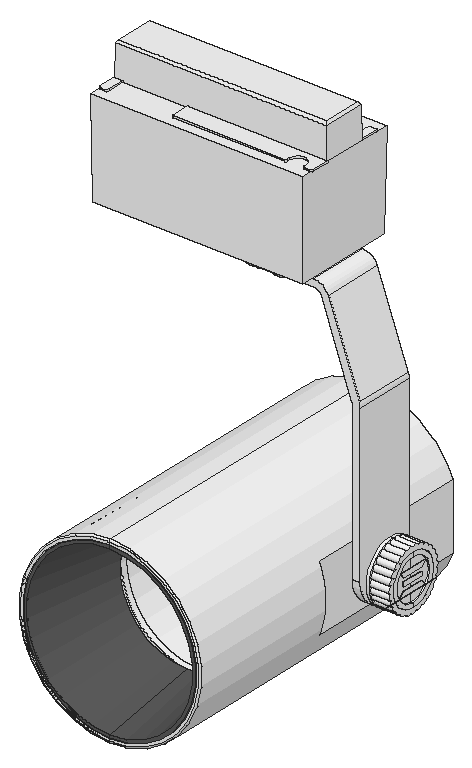
Revit family "STL22452BR_STL22452PTO", category Luminárias, Revit 2023
Family settings
  Cota do conector redondo = Utilizar diâmetro
  Tipo de parte = Normal
  Número OmniClass = 23.80.70.00
  Título OmniClass = Lighting
  Com base no plano de trabalho = Não
  Sempre na vertical = Sim
  Corte com vazios quando carregada = Não
  Fonte luminosa = Não
  Manter orientação da anotação = Não
  Compartilhado = Não
  Ponto de cálculo do ambiente = Não
Parameters (values of type "STL22452BR - BRANCO")
  URL = "https://stella.com.br/"
  Tensão Elétrica = "127-220V"
  Referência = "STL22452BR"
  Potência máxima = 15 W
  Modelo = "Flow MR16 para Trace\r\nFlow MR16 para Trace\r\n\r\nFlow MR16 para Trace"
  Grau de proteção (IP) = "IP20"
  Fabricante = "Stella"
  Estrutura = Al - Branco
  Elevação padrão = 0 m
  Diâmetro do Spot = 0.060002 m
  Comprimento do Spot = 0.10625 m
  Altura do Spot = 0.163 m
  Acabamento Spot = Al - Preto
Types (3, lengths in m): name | Tensão Elétrica | Referência | Modelo | Estrutura
  (no name) | "127-220V" | "STL22452BR" | "Flow MR16 para Trace\r\nFlow MR16 para Trace\r\n\r\nFlow MR16 para Trace" | Al - Branco
  STL22452BR - BRANCO | "127-220V" | "STL22452BR" | "Flow MR16 para Trace\r\nFlow MR16 para Trace\r\n\r\nFlow MR16 para Trace" | Al - Branco
  STL22452PTO - PRETO | "" | "STL22452PTO" | "Flow MR16 para Trace" | Al - Preto
Reference planes (m)
  plane 1 "Eixo de origem da luz (F/T)": y = 0.021104
  plane 2: z = 0
  plane 3 "Eixo de origem da luz (E/D)": x = 0.0084
  plane 4 "Elevação da origem da luz": z = 2.5199
  plane 5: z = 2.487
  plane 6 "Superior": z = 2.65
  plane 7: y = 0.053125
  plane 8: y = -0.053125
  plane 9: x = 0.038399
  plane 10: x = -0.021603
  plane 11: z = 2.605
Forms (m)
  Extrusion 1, solid, material "Al - Branco" <- "Estrutura"
    sketch origin (-0.031726, 0.021104, 0) x (0, -1, 0) y (0, 0, 1)
      loop
        line (-0.007222, 2.6384) -> (-0.017251, 2.6384) -> (-0.016801, 2.6064) -> (0.016801, 2.6064) -> (0.017251, 2.6384) -> (0.007222, 2.6384) -> (0.006942, 2.649) -> (0.006414, 2.65) -> (-0.006414, 2.65) -> (-0.006942, 2.649) -> (-0.007222, 2.6384)
    from -0.059624 to 0.013642
  Extrusion 2, void
    sketch origin (-0.023326, 0.021104, 0) x (-1, 0, 0) y (0, 0, 1)
      loop
        line (-0.049422, 2.649) -> (-0.048894, 2.65) -> (-0.051224, 2.65) -> (-0.051224, 2.6064) -> (-0.049252, 2.6064) -> (-0.049702, 2.6384) -> (-0.049422, 2.649)
      loop
        line (0.020018, 2.649) -> (0.020298, 2.6384) -> (0.019847, 2.6064) -> (0.022042, 2.6064) -> (0.022042, 2.65) -> (0.01949, 2.65) -> (0.020018, 2.649)
    from -0.024982 to 0.021323
  Extrusion 3, solid, material "Al - Branco" <- "Estrutura"
    sketch origin (0.014478, 0.021104, 0) x (0, -1, 0) y (0, 0, -1)
      loop
        line (-0.014499, -2.6064) -> (-0.014499, -2.60805) -> (-0.015326, -2.60805) -> (-0.015326, -2.60885)
        arc (-0.015326, -2.60885) -> (-0.015011, -2.609283) -> (-0.014499, -2.609443) r 0.000852
        line (-0.014499, -2.609443) -> (-0.014499, -2.6104) -> (0.014499, -2.6104) -> (0.014499, -2.609443)
        arc (0.014499, -2.609443) -> (0.015011, -2.609283) -> (0.015326, -2.60885) r 0.000852
        line (0.015326, -2.60885) -> (0.015326, -2.60805) -> (0.014499, -2.60805) -> (0.014499, -2.6064) -> (-0.014499, -2.6064)
    from -0.059624 to -0.055554
  Extrusion 4, void
    sketch origin (0.014478, 0.021104, 0) x (0, -1, 0) y (0, 0, -1)
      loop
        line (-0.014699, -2.6106) -> (0.014699, -2.6106) -> (0.014699, -2.609627)
        arc (0.014699, -2.609627) -> (0.015219, -2.609371) -> (0.015526, -2.608879) r 0.001052
        line (0.015526, -2.608879) -> (0.015526, -2.60785) -> (0.014699, -2.60785) -> (0.014699, -2.6064) -> (-0.014699, -2.6064) -> (-0.014699, -2.60785) -> (-0.015526, -2.60785) -> (-0.015526, -2.608879)
        arc (-0.015526, -2.608879) -> (-0.015219, -2.609371) -> (-0.014699, -2.609627) r 0.001052
        line (-0.014699, -2.609627) -> (-0.014699, -2.6106)
    from -0.059624 to -0.024388
  Extrusion 5, solid, material "Al - Branco" <- "Estrutura"
    sketch origin (0.014478, -0.008896, 0) x (0, -1, 0) y (0, 0, -1)
      loop
        line (-0.044499, -2.6064) -> (-0.044499, -2.60805) -> (-0.015501, -2.60805) -> (-0.015501, -2.6064) -> (-0.044499, -2.6064)
    from -0.055554 to -0.024388
  Extrusion 6, solid, material "Al - Branco" <- "Estrutura"
    sketch origin (-0.023326, 0.021104, 0) x (-1, 0, 0) y (0, 0, 1)
      loop
        line (-0.011173, 2.6064) -> (-0.013416, 2.6064) -> (-0.013416, 2.605371) -> (-0.011173, 2.605371) -> (-0.011173, 2.6064)
    from -0.014499 to 0.014499
  Extrusion 7, solid, material "Al - Branco" <- "Estrutura"
    sketch origin (-0.023326, 0.021104, 2.574) x (0, 1, 0) y (-1, 0, 0)
      loop
        arc (0.013719, -0.047484) -> (0.013573, -0.04713) -> (0.013219, -0.046984) r 0.0005
        line (0.013219, -0.046984) -> (0.012346, -0.046984)
        arc (0.012346, -0.046984) -> (0.009533, -0.044171) -> (0.012346, -0.041358) r 0.002813
        line (0.012346, -0.041358) -> (0.013219, -0.041358)
        arc (0.013219, -0.041358) -> (0.013573, -0.041211) -> (0.013719, -0.040857) r 0.0005
        line (0.013719, -0.040857) -> (0.013719, -0.008488)
        arc (0.013719, -0.008488) -> (0.013573, -0.008135) -> (0.013219, -0.007988) r 0.0005
        line (0.013219, -0.007988) -> (0.007222, -0.007988) -> (0.007222, -0.049702) -> (0.013219, -0.049702)
        arc (0.013219, -0.049702) -> (0.013573, -0.049556) -> (0.013719, -0.049202) r 0.0005
        line (0.013719, -0.049202) -> (0.013719, -0.047484)
      loop
        line (-0.013719, -0.047484) -> (-0.013719, -0.04935)
        arc (-0.013719, -0.04935) -> (-0.013573, -0.049704) -> (-0.013219, -0.04985) r 0.0005
        line (-0.013219, -0.04985) -> (-0.007222, -0.04985) -> (-0.007222, -0.003882) -> (-0.013219, -0.003882)
        arc (-0.013219, -0.003882) -> (-0.013573, -0.004029) -> (-0.013719, -0.004382) r 0.0005
        line (-0.013719, -0.004382) -> (-0.013719, -0.040857)
        arc (-0.013719, -0.040857) -> (-0.013573, -0.041211) -> (-0.013219, -0.041358) r 0.0005
        line (-0.013219, -0.041358) -> (-0.012346, -0.041358)
        arc (-0.012346, -0.041358) -> (-0.009533, -0.044171) -> (-0.012346, -0.046984) r 0.002813
        line (-0.012346, -0.046984) -> (-0.013219, -0.046984)
        arc (-0.013219, -0.046984) -> (-0.013573, -0.04713) -> (-0.013719, -0.047484) r 0.0005
      loop
        line (-0.013182, 0.017625) -> (-0.007222, 0.017625) -> (-0.007222, 0.020298) -> (-0.013182, 0.020298)
        arc (-0.013182, 0.020298) -> (-0.013576, 0.020135) -> (-0.013739, 0.019741) r 0.000557
        line (-0.013739, 0.019741) -> (-0.013739, 0.018182)
        arc (-0.013739, 0.018182) -> (-0.013576, 0.017788) -> (-0.013182, 0.017625) r 0.000557
      loop
        line (0.012346, 0.017642) -> (0.013181, 0.017642)
        arc (0.013181, 0.017642) -> (0.013574, 0.017805) -> (0.013737, 0.018198) r 0.000556
        line (0.013737, 0.018198) -> (0.013737, 0.020298) -> (0.007222, 0.020298) -> (0.007222, 0.014829) -> (0.008997, 0.014829)
        arc (0.008997, 0.014829) -> (0.009409, 0.014961) -> (0.009583, 0.015357) r 0.000526
        arc (0.009583, 0.015357) -> (0.010553, 0.016997) -> (0.012346, 0.017642) r 0.002813
    from 0.0644 to 0.0649
  Revolve 8, void
    sketch origin (-0.023326, 0.021104, 0) x (-1, 0, 0) y (0, 0, 1)
      loop
        line (-0.046923, 2.6064) -> (-0.031723, 2.6064) -> (-0.031723, 2.6129) -> (-0.04681, 2.6129) -> (-0.046923, 2.6064)
      axis (-0.031723, 2.6129) -> (-0.031723, 2.6064)
    angle from 0 to 360
  Extrusion 9, solid, material "Al - Branco" <- "Estrutura", not visible
    sketch origin (-0.1416, -0.1, 0) x (0, 1, 0) y (0, 0, 1)
      loop
        line (-0.007222, 2.6384) -> (-0.017251, 2.6384) -> (-0.016801, 2.6064) -> (0.016801, 2.6064) -> (0.017251, 2.6384) -> (0.007222, 2.6384) -> (0.006942, 2.649) -> (0.006414, 2.65) -> (-0.006414, 2.65) -> (-0.006942, 2.649) -> (-0.007222, 2.6384)
    from -0.059624 to 0.013642
  Extrusion 10, void, not visible
    sketch origin (-0.15, -0.1, 0) x (1, 0, 0) y (0, 0, 1)
      loop
        line (-0.049422, 2.649) -> (-0.048894, 2.65) -> (-0.051224, 2.65) -> (-0.051224, 2.6064) -> (-0.049252, 2.6064) -> (-0.049702, 2.6384) -> (-0.049422, 2.649)
      loop
        line (0.020018, 2.649) -> (0.020298, 2.6384) -> (0.019847, 2.6064) -> (0.022042, 2.6064) -> (0.022042, 2.65) -> (0.01949, 2.65) -> (0.020018, 2.649)
    from -0.024982 to 0.021323
  Extrusion 11, solid, material "Al - Branco" <- "Estrutura", not visible
    sketch origin (-0.187804, -0.1, 0) x (0, 1, 0) y (0, 0, -1)
      loop
        line (-0.014499, -2.6064) -> (-0.014499, -2.60805) -> (-0.015326, -2.60805) -> (-0.015326, -2.60885)
        arc (-0.015326, -2.60885) -> (-0.015011, -2.609283) -> (-0.014499, -2.609443) r 0.000852
        line (-0.014499, -2.609443) -> (-0.014499, -2.6104) -> (0.014499, -2.6104) -> (0.014499, -2.609443)
        arc (0.014499, -2.609443) -> (0.015011, -2.609283) -> (0.015326, -2.60885) r 0.000852
        line (0.015326, -2.60885) -> (0.015326, -2.60805) -> (0.014499, -2.60805) -> (0.014499, -2.6064) -> (-0.014499, -2.6064)
    from -0.059624 to -0.055554
  Extrusion 12, void, not visible
    sketch origin (-0.187804, -0.1, 0) x (0, 1, 0) y (0, 0, -1)
      loop
        line (-0.014699, -2.6106) -> (0.014699, -2.6106) -> (0.014699, -2.609627)
        arc (0.014699, -2.609627) -> (0.015219, -2.609371) -> (0.015526, -2.608879) r 0.001052
        line (0.015526, -2.608879) -> (0.015526, -2.60785) -> (0.014699, -2.60785) -> (0.014699, -2.6064) -> (-0.014699, -2.6064) -> (-0.014699, -2.60785) -> (-0.015526, -2.60785) -> (-0.015526, -2.608879)
        arc (-0.015526, -2.608879) -> (-0.015219, -2.609371) -> (-0.014699, -2.609627) r 0.001052
        line (-0.014699, -2.609627) -> (-0.014699, -2.6106)
    from -0.059624 to -0.024388
  Extrusion 13, solid, material "Al - Branco" <- "Estrutura", not visible
    sketch origin (-0.187804, -0.07, 0) x (0, 1, 0) y (0, 0, -1)
      loop
        line (-0.044499, -2.6064) -> (-0.044499, -2.60805) -> (-0.015501, -2.60805) -> (-0.015501, -2.6064) -> (-0.044499, -2.6064)
    from -0.055554 to -0.024388
  Extrusion 14, solid, material "Al - Branco" <- "Estrutura", not visible
    sketch origin (-0.15, -0.1, 0) x (1, 0, 0) y (0, 0, 1)
      loop
        line (-0.011173, 2.6064) -> (-0.013416, 2.6064) -> (-0.013416, 2.605371) -> (-0.011173, 2.605371) -> (-0.011173, 2.6064)
    from -0.014499 to 0.014499
  Extrusion 15, solid, material "Al - Branco" <- "Estrutura", not visible
    sketch origin (-0.15, -0.1, 2.574) x (0, -1, 0) y (1, 0, 0)
      loop
        arc (0.013719, -0.047484) -> (0.013573, -0.04713) -> (0.013219, -0.046984) r 0.0005
        line (0.013219, -0.046984) -> (0.012346, -0.046984)
        arc (0.012346, -0.046984) -> (0.009533, -0.044171) -> (0.012346, -0.041358) r 0.002813
        line (0.012346, -0.041358) -> (0.013219, -0.041358)
        arc (0.013219, -0.041358) -> (0.013573, -0.041211) -> (0.013719, -0.040857) r 0.0005
        line (0.013719, -0.040857) -> (0.013719, -0.008488)
        arc (0.013719, -0.008488) -> (0.013573, -0.008135) -> (0.013219, -0.007988) r 0.0005
        line (0.013219, -0.007988) -> (0.007222, -0.007988) -> (0.007222, -0.049702) -> (0.013219, -0.049702)
        arc (0.013219, -0.049702) -> (0.013573, -0.049556) -> (0.013719, -0.049202) r 0.0005
        line (0.013719, -0.049202) -> (0.013719, -0.047484)
      loop
        line (-0.013719, -0.047484) -> (-0.013719, -0.04935)
        arc (-0.013719, -0.04935) -> (-0.013573, -0.049704) -> (-0.013219, -0.04985) r 0.0005
        line (-0.013219, -0.04985) -> (-0.007222, -0.04985) -> (-0.007222, -0.003882) -> (-0.013219, -0.003882)
        arc (-0.013219, -0.003882) -> (-0.013573, -0.004029) -> (-0.013719, -0.004382) r 0.0005
        line (-0.013719, -0.004382) -> (-0.013719, -0.040857)
        arc (-0.013719, -0.040857) -> (-0.013573, -0.041211) -> (-0.013219, -0.041358) r 0.0005
        line (-0.013219, -0.041358) -> (-0.012346, -0.041358)
        arc (-0.012346, -0.041358) -> (-0.009533, -0.044171) -> (-0.012346, -0.046984) r 0.002813
        line (-0.012346, -0.046984) -> (-0.013219, -0.046984)
        arc (-0.013219, -0.046984) -> (-0.013573, -0.04713) -> (-0.013719, -0.047484) r 0.0005
      loop
        line (-0.013182, 0.017625) -> (-0.007222, 0.017625) -> (-0.007222, 0.020298) -> (-0.013182, 0.020298)
        arc (-0.013182, 0.020298) -> (-0.013576, 0.020135) -> (-0.013739, 0.019741) r 0.000557
        line (-0.013739, 0.019741) -> (-0.013739, 0.018182)
        arc (-0.013739, 0.018182) -> (-0.013576, 0.017788) -> (-0.013182, 0.017625) r 0.000557
      loop
        line (0.012346, 0.017642) -> (0.013181, 0.017642)
        arc (0.013181, 0.017642) -> (0.013574, 0.017805) -> (0.013737, 0.018198) r 0.000556
        line (0.013737, 0.018198) -> (0.013737, 0.020298) -> (0.007222, 0.020298) -> (0.007222, 0.014829) -> (0.008997, 0.014829)
        arc (0.008997, 0.014829) -> (0.009409, 0.014961) -> (0.009583, 0.015357) r 0.000526
        arc (0.009583, 0.015357) -> (0.010553, 0.016997) -> (0.012346, 0.017642) r 0.002813
    from 0.0644 to 0.0649
  Revolve 16, void, not visible
    sketch origin (-0.15, -0.1, 0) x (1, 0, 0) y (0, 0, 1)
      loop
        line (-0.046923, 2.6064) -> (-0.031723, 2.6064) -> (-0.031723, 2.6129) -> (-0.04681, 2.6129) -> (-0.046923, 2.6064)
      axis (-0.031723, 2.6129) -> (-0.031723, 2.6064)
    angle from 0 to 360
  Revolve 17, solid, material "Al - Branco" <- "Estrutura"
    sketch origin (0.0084, 0.223634, 0.005897) x (0, -1, -0.000003) y (0, -0.000003, 1)
      loop
        line (0.170501, 2.542582) -> (0.240851, 2.541599) -> (0.240851, 2.537384) -> (0.242951, 2.537384) -> (0.242951, 2.540052) -> (0.244751, 2.540052) -> (0.244751, 2.542123) -> (0.276751, 2.542682) -> (0.276751, 2.543504)
        arc (0.276751, 2.543504) -> (0.276604, 2.543857) -> (0.276251, 2.544004) r 0.0005
        line (0.276251, 2.544004) -> (0.170501, 2.544004) -> (0.170501, 2.542582)
      axis (0.170501, 2.514004) -> (0.276751, 2.514004)
    angle from 0 to 360
  Revolve 18, solid, material "Al - Preto" <- "Acabamento Spot"
    sketch origin (0.0084, 0.223634, 0.005897) x (0, -1, -0.000003) y (0, -0.000003, 1)
      loop
        line (0.245201, 2.535977) -> (0.276751, 2.541504) -> (0.276751, 2.542504) -> (0.273435, 2.542446) -> (0.254251, 2.539085) -> (0.254251, 2.541511) -> (0.248173, 2.541405)
        arc (0.248173, 2.541405) -> (0.247541, 2.54151) -> (0.246989, 2.541835) r 0.001757
        arc (0.246989, 2.541835) -> (0.24624, 2.541702) -> (0.245951, 2.540997) r 0.000791
        arc (0.245951, 2.540997) -> (0.246085, 2.540566) -> (0.246442, 2.540289) r 0.000757
        line (0.246442, 2.540289) -> (0.252751, 2.540179) -> (0.252751, 2.538823) -> (0.245201, 2.5375) -> (0.245201, 2.535977)
      axis (0.245201, 2.514004) -> (0.276751, 2.514004)
    angle from 0 to 360
  Extrusion 19, void
    sketch origin (0.0084, 0.215234, 0.005897) x (1, 0, 0) y (0, -0.000003, 1)
      loop
        line (0.024673, 2.503817) -> (0.030078, 2.502712) -> (0.030078, 2.525295) -> (0.024673, 2.52419) -> (0.024673, 2.503817)
    from 0.162101 to 0.217101
  Extrusion 20, void
    sketch origin (0.0094, 0.215234, 0.005897) x (1, 0, 0) y (0, -0.000003, 1)
      loop
        line (0.023311, 2.503891) -> (0.025551, 2.503433) -> (0.025551, 2.524574) -> (0.023311, 2.524116) -> (0.023311, 2.503891)
    from 0.162101 to 0.232451
  Blend 21, solid, material "Al - Branco" <- "Estrutura"
    base sketch origin (0.0084, 0.215234, 0.005897) x (1, 0, 0) y (0, -0.000003, 1)
      loop
        line (0.027965, 2.524863) -> (0.025573, 2.524374) -> (0.025573, 2.503633) -> (0.027965, 2.503144) -> (0.027965, 2.524863)
    top sketch origin (0.0084, 0.215234, 0.005897) x (1, 0, 0) y (0, -0.000003, 1)
      loop
        line (0.027965, 2.524863) -> (0.026551, 2.524574) -> (0.026551, 2.503433) -> (0.027965, 2.503144) -> (0.027965, 2.524863)
    from 0.232451 to 0.162101
  Extrusion 22, void
    sketch origin (0.0084, 0.215234, 0.005897) x (1, 0, 0) y (0, -0.000003, 1)
      loop
        line (0.026551, 2.527448) -> (0.026551, 2.5) -> (0.033803, 2.5) -> (0.033803, 2.527448) -> (0.026551, 2.527448)
    from 0.232475 to 0.217101
  Revolve 23, solid, material "Al - Branco" <- "Estrutura"
    sketch origin (0.0084, 0.189401, -0.028328) x (0, -1, 0) y (0, 0, 1)
      loop
        line (0.134676, 2.551698) -> (0.114176, 2.551698) -> (0.114176, 2.548213) -> (0.144176, 2.548213) -> (0.144176, 2.551698) -> (0.150476, 2.551698) -> (0.150476, 2.553427)
        arc (0.150476, 2.553427) -> (0.150241, 2.553992) -> (0.149676, 2.554227) r 0.0008
        line (0.149676, 2.554227) -> (0.148476, 2.554227) -> (0.148476, 2.552978) -> (0.145176, 2.552979) -> (0.145176, 2.560729)
        arc (0.145176, 2.560729) -> (0.146054, 2.56285) -> (0.148176, 2.563729) r 0.003
        line (0.148176, 2.563729) -> (0.172176, 2.563729) -> (0.172176, 2.564729) -> (0.147176, 2.564729)
        arc (0.147176, 2.564729) -> (0.145054, 2.56385) -> (0.144176, 2.561729) r 0.003
        line (0.144176, 2.561729) -> (0.144176, 2.555229) -> (0.142176, 2.555229) -> (0.142176, 2.554263)
        arc (0.142176, 2.554263) -> (0.136425, 2.553956) -> (0.130676, 2.553623) r 1.262454
        line (0.130676, 2.553623) -> (0.130676, 2.552479) -> (0.134676, 2.552659) -> (0.134676, 2.551698)
      axis (0.114176, 2.548213) -> (0.172176, 2.548213)
    angle from 0 to 360
  Revolve 24, solid, material "Al - Branco" <- "Estrutura"
    sketch origin (0.0084, 0.189401, -0.028328) x (0, -1, 0) y (0, 0, 1)
      loop
        line (0.155176, 2.548229) -> (0.155176, 2.534429) -> (0.170481, 2.534429)
        arc (0.170481, 2.534429) -> (0.170752, 2.534936) -> (0.170846, 2.535504) r 0.00177
        line (0.170846, 2.535504) -> (0.170846, 2.548229) -> (0.155176, 2.548229)
      axis (0.155176, 2.548229) -> (0.170846, 2.548229)
    angle from 0 to 360
  Extrusion 25, void
    sketch origin (0.0084, 0.181001, -0.028328) x (1, 0, 0) y (0, 0, 1)
      loop
        arc (0.00378, 2.554797) -> (-0.001706, 2.555114) -> (0.001774, 2.550862) r 0.003
        arc (0.001774, 2.550862) -> (0.002193, 2.550913) -> (0.002555, 2.550696) r 0.00065
        arc (0.002555, 2.550696) -> (0.003273, 2.549522) -> (0.003609, 2.548188) r 0.004568
        arc (0.003609, 2.548188) -> (0.005649, 2.546228) -> (0.007608, 2.548269) r 0.002
        arc (0.007608, 2.548269) -> (0.006544, 2.552032) -> (0.00378, 2.554797) r 0.007754
      loop
        arc (-0.00378, 2.54166) -> (0.001706, 2.541343) -> (-0.001774, 2.545595) r 0.003
        arc (-0.001774, 2.545595) -> (-0.002193, 2.545544) -> (-0.002555, 2.545761) r 0.00065
        arc (-0.002555, 2.545761) -> (-0.003273, 2.546935) -> (-0.003609, 2.548269) r 0.004568
        arc (-0.003609, 2.548269) -> (-0.005649, 2.550229) -> (-0.007608, 2.548188) r 0.002
        arc (-0.007608, 2.548188) -> (-0.006544, 2.544425) -> (-0.00378, 2.54166) r 0.007754
    from 0.148376 to 0.158434
  Extrusion 26, void
    sketch origin (0.0084, 0.181001, -0.028328) x (1, 0, 0) y (0, 0, 1)
      loop
        circle (-0.006221, 2.554309) r 0.003304
      loop
        circle (0.006209, 2.541978) r 0.003318
    from 0.148376 to 0.163776
  Revolve 27, void
    sketch origin (0.0084, 0.189401, -0.028328) x (0, -1, 0) y (0, 0, 1)
      loop
        line (0.167217, 2.536487) -> (0.170846, 2.536487) -> (0.170846, 2.548229) -> (0.164269, 2.548229) -> (0.164269, 2.539435) -> (0.167217, 2.536487)
      axis (0.170846, 2.548229) -> (0.164269, 2.548229)
    angle from 0 to 360
  Revolve 28, solid, material "Al - Branco" <- "Estrutura", not visible
    sketch origin (-0.034233, 0.1, 0.034226) x (1, 0, -0.000003) y (0.000003, 0, 1)
      loop
        line (0.170501, 2.542582) -> (0.240851, 2.541599) -> (0.240851, 2.537384) -> (0.242951, 2.537384) -> (0.242951, 2.540052) -> (0.244751, 2.540052) -> (0.244751, 2.542123) -> (0.276751, 2.542682) -> (0.276751, 2.543504)
        arc (0.276751, 2.543504) -> (0.276604, 2.543857) -> (0.276251, 2.544004) r 0.0005
        line (0.276251, 2.544004) -> (0.170501, 2.544004) -> (0.170501, 2.542582)
      axis (0.170501, 2.514004) -> (0.276751, 2.514004)
    angle from 0 to 360
  Revolve 29, solid, material "Al - Preto" <- "Acabamento Spot", not visible
    sketch origin (-0.034233, 0.1, 0.034226) x (1, 0, -0.000003) y (0.000003, 0, 1)
      loop
        line (0.245201, 2.535977) -> (0.276751, 2.541504) -> (0.276751, 2.542504) -> (0.273435, 2.542446) -> (0.254251, 2.539085) -> (0.254251, 2.541511) -> (0.248173, 2.541405)
        arc (0.248173, 2.541405) -> (0.247541, 2.54151) -> (0.246989, 2.541835) r 0.001757
        arc (0.246989, 2.541835) -> (0.24624, 2.541702) -> (0.245951, 2.540997) r 0.000791
        arc (0.245951, 2.540997) -> (0.246085, 2.540566) -> (0.246442, 2.540289) r 0.000757
        line (0.246442, 2.540289) -> (0.252751, 2.540179) -> (0.252751, 2.538823) -> (0.245201, 2.5375) -> (0.245201, 2.535977)
      axis (0.245201, 2.514004) -> (0.276751, 2.514004)
    angle from 0 to 360
  Extrusion 30, void, not visible
    sketch origin (-0.025833, 0.1, 0.034226) x (0, 1, 0) y (0.000003, 0, 1)
      loop
        line (0.024673, 2.503817) -> (0.030078, 2.502712) -> (0.030078, 2.525295) -> (0.024673, 2.52419) -> (0.024673, 2.503817)
    from 0.162101 to 0.217101
  Extrusion 31, void, not visible
    sketch origin (-0.025833, 0.101, 0.034226) x (0, 1, 0) y (0.000003, 0, 1)
      loop
        line (0.023311, 2.503891) -> (0.025551, 2.503433) -> (0.025551, 2.524574) -> (0.023311, 2.524116) -> (0.023311, 2.503891)
    from 0.162101 to 0.232451
  Blend 32, solid, material "Al - Branco" <- "Estrutura", not visible
    base sketch origin (-0.025833, 0.1, 0.034226) x (0, 1, 0) y (0.000003, 0, 1)
      loop
        line (0.027965, 2.524863) -> (0.025573, 2.524374) -> (0.025573, 2.503633) -> (0.027965, 2.503144) -> (0.027965, 2.524863)
    top sketch origin (-0.025833, 0.1, 0.034226) x (0, 1, 0) y (0.000003, 0, 1)
      loop
        line (0.027965, 2.524863) -> (0.026551, 2.524574) -> (0.026551, 2.503433) -> (0.027965, 2.503144) -> (0.027965, 2.524863)
    from 0.232451 to 0.162101
  Extrusion 33, void, not visible
    sketch origin (-0.025833, 0.1, 0.034226) x (0, 1, 0) y (0.000003, 0, 1)
      loop
        line (0.026551, 2.527448) -> (0.026551, 2.5) -> (0.033803, 2.5) -> (0.033803, 2.527448) -> (0.026551, 2.527448)
    from 0.232475 to 0.217101
  Revolve 34, solid, material "Al - Branco" <- "Estrutura", not visible
    sketch origin (0, 0.1, 0) x (1, 0, 0) y (0, 0, 1)
      loop
        line (0.134676, 2.551698) -> (0.114176, 2.551698) -> (0.114176, 2.548213) -> (0.144176, 2.548213) -> (0.144176, 2.551698) -> (0.150476, 2.551698) -> (0.150476, 2.553427)
        arc (0.150476, 2.553427) -> (0.150241, 2.553992) -> (0.149676, 2.554227) r 0.0008
        line (0.149676, 2.554227) -> (0.148476, 2.554227) -> (0.148476, 2.552978) -> (0.145176, 2.552979) -> (0.145176, 2.560729)
        arc (0.145176, 2.560729) -> (0.146054, 2.56285) -> (0.148176, 2.563729) r 0.003
        line (0.148176, 2.563729) -> (0.172176, 2.563729) -> (0.172176, 2.564729) -> (0.147176, 2.564729)
        arc (0.147176, 2.564729) -> (0.145054, 2.56385) -> (0.144176, 2.561729) r 0.003
        line (0.144176, 2.561729) -> (0.144176, 2.555229) -> (0.142176, 2.555229) -> (0.142176, 2.554263)
        arc (0.142176, 2.554263) -> (0.136425, 2.553956) -> (0.130676, 2.553623) r 1.262454
        line (0.130676, 2.553623) -> (0.130676, 2.552479) -> (0.134676, 2.552659) -> (0.134676, 2.551698)
      axis (0.114176, 2.548213) -> (0.172176, 2.548213)
    angle from 0 to 360
  Revolve 35, solid, material "Al - Branco" <- "Estrutura", not visible
    sketch origin (0, 0.1, 0) x (1, 0, 0) y (0, 0, 1)
      loop
        line (0.155176, 2.548229) -> (0.155176, 2.534429) -> (0.170481, 2.534429)
        arc (0.170481, 2.534429) -> (0.170752, 2.534936) -> (0.170846, 2.535504) r 0.00177
        line (0.170846, 2.535504) -> (0.170846, 2.548229) -> (0.155176, 2.548229)
      axis (0.155176, 2.548229) -> (0.170846, 2.548229)
    angle from 0 to 360
  Extrusion 36, void, not visible
    sketch origin (0.0084, 0.1, 0) x (0, 1, 0) y (0, 0, 1)
      loop
        arc (0.00378, 2.554797) -> (-0.001706, 2.555114) -> (0.001774, 2.550862) r 0.003
        arc (0.001774, 2.550862) -> (0.002193, 2.550913) -> (0.002555, 2.550696) r 0.00065
        arc (0.002555, 2.550696) -> (0.003273, 2.549522) -> (0.003609, 2.548188) r 0.004568
        arc (0.003609, 2.548188) -> (0.005649, 2.546228) -> (0.007608, 2.548269) r 0.002
        arc (0.007608, 2.548269) -> (0.006544, 2.552032) -> (0.00378, 2.554797) r 0.007754
      loop
        arc (-0.00378, 2.54166) -> (0.001706, 2.541343) -> (-0.001774, 2.545595) r 0.003
        arc (-0.001774, 2.545595) -> (-0.002193, 2.545544) -> (-0.002555, 2.545761) r 0.00065
        arc (-0.002555, 2.545761) -> (-0.003273, 2.546935) -> (-0.003609, 2.548269) r 0.004568
        arc (-0.003609, 2.548269) -> (-0.005649, 2.550229) -> (-0.007608, 2.548188) r 0.002
        arc (-0.007608, 2.548188) -> (-0.006544, 2.544425) -> (-0.00378, 2.54166) r 0.007754
    from 0.148376 to 0.158434
  Extrusion 37, void, not visible
    sketch origin (0.0084, 0.1, 0) x (0, 1, 0) y (0, 0, 1)
      loop
        circle (-0.006221, 2.554309) r 0.003304
      loop
        circle (0.006209, 2.541978) r 0.003318
    from 0.148376 to 0.163776
  Revolve 38, void, not visible
    sketch origin (0, 0.1, 0) x (1, 0, 0) y (0, 0, 1)
      loop
        line (0.167217, 2.536487) -> (0.170846, 2.536487) -> (0.170846, 2.548229) -> (0.164269, 2.548229) -> (0.164269, 2.539435) -> (0.167217, 2.536487)
      axis (0.170846, 2.548229) -> (0.164269, 2.548229)
    angle from 0 to 360
  Revolve 39, solid, material "Al - Branco" <- "Estrutura"
    sketch origin (0.0084, 0.02121, 0) x (1, 0, 0) y (0, 0, 1)
      loop
        arc (-0.005998, 2.5987) -> (-0.005764, 2.598134) -> (-0.005198, 2.5979) r 0.0008
        line (-0.005198, 2.5979) -> (-0.0035, 2.5979) -> (-0.0035, 2.6019) -> (-0.008, 2.6019) -> (-0.008, 2.5999) -> (-0.005998, 2.5999) -> (-0.005998, 2.5987)
      loop
        line (-0.014943, 2.6064) -> (-0.014931, 2.604994)
        arc (-0.014931, 2.604994) -> (-0.014757, 2.604574) -> (-0.014337, 2.6044) r 0.000594
        line (-0.014337, 2.6044) -> (-0.0035, 2.6044) -> (-0.0035, 2.6064) -> (-0.014943, 2.6064)
      axis (0, 2.6064) -> (0, 2.5979)
    angle from 0 to 360
  Extrusion 40, solid, material "Al - Branco" <- "Estrutura"
    sketch origin (0.0084, -0.002792, 0) x (1, 0, 0) y (0, 0, 1)
      loop
        line (-0.010913, 2.6044) -> (-0.010913, 2.6019) -> (0.015913, 2.6019)
        arc (0.015913, 2.6019) -> (0.017346, 2.601448) -> (0.018261, 2.600255) r 0.002499
        line (0.018261, 2.600255) -> (0.028429, 2.572314)
        arc (0.028429, 2.572314) -> (0.028541, 2.571893) -> (0.028579, 2.571459) r 0.002501
        line (0.028579, 2.571459) -> (0.028579, 2.509431) -> (0.031079, 2.509431) -> (0.031079, 2.571459)
        arc (0.031079, 2.571459) -> (0.031003, 2.572327) -> (0.030777, 2.573169) r 0.005001
        line (0.030777, 2.573169) -> (0.02061, 2.60111)
        arc (0.02061, 2.60111) -> (0.01878, 2.603496) -> (0.015912, 2.6044) r 0.004999
        line (0.015912, 2.6044) -> (-0.010913, 2.6044)
    from -0.033998 to -0.014002
  Extrusion 41, void
    sketch origin (0.0084, 0.005608, 2.574) x (-1, 0, 0) y (0, -1, 0)
      loop
        line (0, -0.025598) -> (0, -0.026598) -> (0.012072, -0.026598) -> (0.012072, -0.004602) -> (0, -0.004602) -> (0, -0.005602)
        arc (0, -0.005602) -> (0.009998, -0.0156) -> (0, -0.025598) r 0.009998
    from 0.0279 to 0.0304
  Extrusion 42, void
    sketch origin (0.02121, 0.005608, 0) x (0, -1, 0) y (0, 0, 1)
      loop
        line (-0.025598, 2.519898) -> (-0.028598, 2.519898) -> (-0.028598, 2.505885) -> (-0.002602, 2.505885) -> (-0.002602, 2.519898) -> (-0.005602, 2.519898)
        arc (-0.005602, 2.519898) -> (-0.0156, 2.5099) -> (-0.025598, 2.519898) r 0.009998
    from -0.018269 to -0.015769
  Revolve 43, solid, material "Al - Branco" <- "Estrutura", not visible
    sketch origin (-0.065602, 0, 0) x (0, 1, 0) y (0, 0, 1)
      loop
        arc (-0.005998, 2.5987) -> (-0.005764, 2.598134) -> (-0.005198, 2.5979) r 0.0008
        line (-0.005198, 2.5979) -> (-0.0035, 2.5979) -> (-0.0035, 2.6019) -> (-0.008, 2.6019) -> (-0.008, 2.5999) -> (-0.005998, 2.5999) -> (-0.005998, 2.5987)
      loop
        line (-0.014943, 2.6064) -> (-0.014931, 2.604994)
        arc (-0.014931, 2.604994) -> (-0.014757, 2.604574) -> (-0.014337, 2.6044) r 0.000594
        line (-0.014337, 2.6044) -> (-0.0035, 2.6044) -> (-0.0035, 2.6064) -> (-0.014943, 2.6064)
      axis (0, 2.6064) -> (0, 2.5979)
    angle from 0 to 360
  Extrusion 44, void, not visible
    sketch origin (-0.05, 0, 2.574) x (0, -1, 0) y (1, 0, 0)
      loop
        line (0, -0.025598) -> (0, -0.026598) -> (0.012072, -0.026598) -> (0.012072, -0.004602) -> (0, -0.004602) -> (0, -0.005602)
        arc (0, -0.005602) -> (0.009998, -0.0156) -> (0, -0.025598) r 0.009998
    from 0.0279 to 0.0304
  Revolve 45, solid, material "Al - Branco" <- "Estrutura"
    sketch origin (0.0069, 0.021208, 0) x (1, 0, 0) y (0, 0, 1)
      loop
        line (0.034579, 2.5281) -> (0.035578, 2.5281) -> (0.035578, 2.5299) -> (0.034579, 2.5299) -> (0.034579, 2.5281)
      loop
        line (0.029578, 2.5239) -> (0.029578, 2.5199) -> (0.033078, 2.5199) -> (0.033078, 2.5239) -> (0.029578, 2.5239)
      axis (0.035578, 2.5199) -> (0.029578, 2.5199)
    angle from 0 to 360
  Extrusion 46, solid, material "Al - Branco" <- "Estrutura"
    sketch origin (0.0069, 0.029606, 0) x (0, -1, 0) y (0, 0, 1)
      loop
        arc (0.004366, 2.527942) -> (0.002917, 2.528238) -> (0.002614, 2.526791) r 0.001048
        arc (0.002614, 2.526791) -> (0.001137, 2.526743) -> (0.001177, 2.525265) r 0.001048
        arc (0.001177, 2.525265) -> (-0.00025, 2.524877) -> (0.000132, 2.523448) r 0.001048
        arc (0.000132, 2.523448) -> (-0.001167, 2.522741) -> (-0.000466, 2.521439) r 0.001048
        arc (-0.000466, 2.521439) -> (-0.001565, 2.52045) -> (-0.000581, 2.519346) r 0.001048
        arc (-0.000581, 2.519346) -> (-0.001423, 2.51813) -> (-0.000211, 2.517283) r 0.001048
        arc (-0.000211, 2.517283) -> (-0.000747, 2.515905) -> (0.000628, 2.515362) r 0.001048
        arc (0.000628, 2.515362) -> (0.000425, 2.513897) -> (0.001889, 2.513687) r 0.001048
        arc (0.001889, 2.513687) -> (0.002029, 2.512215) -> (0.003502, 2.512349) r 0.001048
        arc (0.003502, 2.512349) -> (0.00398, 2.51095) -> (0.005382, 2.511421) r 0.001048
        arc (0.005382, 2.511421) -> (0.00617, 2.51017) -> (0.007425, 2.510952) r 0.001048
        arc (0.007425, 2.510952) -> (0.008481, 2.509918) -> (0.009521, 2.51097) r 0.001048
        arc (0.009521, 2.51097) -> (0.010788, 2.510207) -> (0.011556, 2.511471) r 0.001048
        arc (0.011556, 2.511471) -> (0.012965, 2.511023) -> (0.01342, 2.51243) r 0.001048
        arc (0.01342, 2.51243) -> (0.014894, 2.51232) -> (0.015012, 2.513794) r 0.001048
        arc (0.015012, 2.513794) -> (0.016472, 2.514028) -> (0.016244, 2.51549) r 0.001048
        arc (0.016244, 2.51549) -> (0.017611, 2.516055) -> (0.017052, 2.517424) r 0.001048
        arc (0.017052, 2.517424) -> (0.01825, 2.518291) -> (0.017389, 2.519493) r 0.001048
        arc (0.017389, 2.519493) -> (0.018354, 2.520613) -> (0.017239, 2.521583) r 0.001048
        arc (0.017239, 2.521583) -> (0.017919, 2.522897) -> (0.016609, 2.523583) r 0.001048
        arc (0.016609, 2.523583) -> (0.016967, 2.525017) -> (0.015534, 2.525382) r 0.001048
        arc (0.015534, 2.525382) -> (0.01555, 2.526861) -> (0.014071, 2.526883) r 0.001048
        arc (0.014071, 2.526883) -> (0.013745, 2.528326) -> (0.012301, 2.528006) r 0.001048
        arc (0.012301, 2.528006) -> (0.01165, 2.529334) -> (0.010319, 2.528688) r 0.001048
        arc (0.010319, 2.528688) -> (0.009379, 2.52983) -> (0.008233, 2.528894) r 0.001048
        arc (0.008233, 2.528894) -> (0.007155, 2.529817) -> (0.006336, 2.528658) r 0.00096
        arc (0.006336, 2.528658) -> (0.004995, 2.52928) -> (0.004366, 2.527942) r 0.001048
      loop
        circle (0.0084, 2.5199) r 0.0082
    from -0.042087 to -0.035578
  Extrusion 47, solid, material "Al - Branco" <- "Estrutura"
    sketch origin (0.0069, 0.029608, 0) x (0, -1, 0) y (0, 0, 1)
      loop
        line (0.004798, 2.520605) -> (0.004798, 2.519195) -> (0.011997, 2.519195) -> (0.011997, 2.520605) -> (0.004798, 2.520605)
      loop
        line (0.004798, 2.522) -> (0.012002, 2.522) -> (0.013402, 2.5234) -> (0.003398, 2.5234) -> (0.004798, 2.522)
      loop
        line (0.004798, 2.5178) -> (0.003398, 2.5164) -> (0.013402, 2.5164) -> (0.012002, 2.5178) -> (0.004798, 2.5178)
    from -0.041835 to -0.041287
  Extrusion 48, solid, material "Al - Branco" <- "Estrutura"
    sketch origin (0.02121, 0.029608, 0) x (0, -1, 0) y (0, 0, 1)
      loop
        line (0.0093, 2.524818) -> (0.0093, 2.52805)
        arc (0.0093, 2.52805) -> (0.0084, 2.5281) -> (0.0075, 2.52805) r 0.0082
        line (0.0075, 2.52805) -> (0.0075, 2.524818)
        arc (0.0075, 2.524818) -> (0.0084, 2.5249) -> (0.0093, 2.524818) r 0.005
      loop
        line (0.0093, 2.51175) -> (0.0093, 2.514982)
        arc (0.0093, 2.514982) -> (0.0084, 2.5149) -> (0.0075, 2.514982) r 0.005
        line (0.0075, 2.514982) -> (0.0075, 2.51175)
        arc (0.0075, 2.51175) -> (0.0084, 2.5117) -> (0.0093, 2.51175) r 0.0082
      loop
        line (0.013313, 2.518972) -> (0.016547, 2.518972)
        arc (0.016547, 2.518972) -> (0.0166, 2.519872) -> (0.016553, 2.520772) r 0.0082
        line (0.016553, 2.520772) -> (0.013323, 2.520772)
        arc (0.013323, 2.520772) -> (0.0134, 2.519872) -> (0.013313, 2.518972) r 0.005
      loop
        line (0.000255, 2.518951) -> (0.003487, 2.518972)
        arc (0.003487, 2.518972) -> (0.0034, 2.519872) -> (0.003477, 2.520772) r 0.005
        line (0.003477, 2.520772) -> (0.000247, 2.520772)
        arc (0.000247, 2.520772) -> (0.0002, 2.519861) -> (0.000255, 2.518951) r 0.0082
    from -0.023769 to -0.021268
  Extrusion 49, void
    sketch origin (0.0084, -0.000125, 0) x (1, 0, 0) y (0, 0, 1)
      loop
        line (0.028579, 2.514899) -> (0.031079, 2.514899) -> (0.031079, 2.524859) -> (0.028579, 2.524859) -> (0.028579, 2.514899)
    from -0.026576 to -0.01637
  Revolve 50, solid, material "Al - Branco" <- "Estrutura"
    sketch origin (0.0069, 0.021208, 0) x (1, 0, 0) y (0, 0, 1)
      loop
        line (0.038079, 2.5281) -> (0.038079, 2.5249)
        spline (0.038079, 2.5249) -> (0.037704, 2.5249) -> (0.037329, 2.5249) -> (0.036954, 2.5249) -> (0.036578, 2.5249) -> (0.036203, 2.5249) -> (0.035828, 2.5249) -> (0.035453, 2.5249) -> (0.035078, 2.5249) -> (0.034703, 2.5249) -> (0.034328, 2.5249) -> (0.033952, 2.5249) -> (0.033577, 2.5249)
        arc (0.033577, 2.5249) -> (0.033225, 2.524753) -> (0.033079, 2.5244) r 0.0005
        line (0.033079, 2.5244) -> (0.033079, 2.5199) -> (0.041287, 2.5199) -> (0.041287, 2.526698) -> (0.042087, 2.526698) -> (0.042087, 2.5281) -> (0.038079, 2.5281)
      axis (0.033079, 2.5199) -> (0.042087, 2.5199)
    angle from 0 to 360
  Revolve 51, solid, material "Al - Branco" <- "Estrutura", not visible
    sketch origin (0.0069, 0.021208, 0) x (1, 0, 0) y (0, 0, 1)
      loop
        line (0.034579, 2.5281) -> (0.035578, 2.5281) -> (0.035578, 2.5299) -> (0.034579, 2.5299) -> (0.034579, 2.5281)
      loop
        line (0.029578, 2.5239) -> (0.029578, 2.5199) -> (0.033078, 2.5199) -> (0.033078, 2.5239) -> (0.029578, 2.5239)
      axis (0.035578, 2.5199) -> (0.029578, 2.5199)
    angle from 0 to 360
  Extrusion 52, solid, material "Al - Branco" <- "Estrutura", not visible
    sketch origin (0.0069, 0.029606, 0) x (0, -1, 0) y (0, 0, 1)
      loop
        arc (0.004366, 2.527942) -> (0.002917, 2.528238) -> (0.002614, 2.526791) r 0.001048
        arc (0.002614, 2.526791) -> (0.001137, 2.526743) -> (0.001177, 2.525265) r 0.001048
        arc (0.001177, 2.525265) -> (-0.00025, 2.524877) -> (0.000132, 2.523448) r 0.001048
        arc (0.000132, 2.523448) -> (-0.001167, 2.522741) -> (-0.000466, 2.521439) r 0.001048
        arc (-0.000466, 2.521439) -> (-0.001565, 2.52045) -> (-0.000581, 2.519346) r 0.001048
        arc (-0.000581, 2.519346) -> (-0.001423, 2.51813) -> (-0.000211, 2.517283) r 0.001048
        arc (-0.000211, 2.517283) -> (-0.000747, 2.515905) -> (0.000628, 2.515362) r 0.001048
        arc (0.000628, 2.515362) -> (0.000425, 2.513897) -> (0.001889, 2.513687) r 0.001048
        arc (0.001889, 2.513687) -> (0.002029, 2.512215) -> (0.003502, 2.512349) r 0.001048
        arc (0.003502, 2.512349) -> (0.00398, 2.51095) -> (0.005382, 2.511421) r 0.001048
        arc (0.005382, 2.511421) -> (0.00617, 2.51017) -> (0.007425, 2.510952) r 0.001048
        arc (0.007425, 2.510952) -> (0.008481, 2.509918) -> (0.009521, 2.51097) r 0.001048
        arc (0.009521, 2.51097) -> (0.010788, 2.510207) -> (0.011556, 2.511471) r 0.001048
        arc (0.011556, 2.511471) -> (0.012965, 2.511023) -> (0.01342, 2.51243) r 0.001048
        arc (0.01342, 2.51243) -> (0.014894, 2.51232) -> (0.015012, 2.513794) r 0.001048
        arc (0.015012, 2.513794) -> (0.016472, 2.514028) -> (0.016244, 2.51549) r 0.001048
        arc (0.016244, 2.51549) -> (0.017611, 2.516055) -> (0.017052, 2.517424) r 0.001048
        arc (0.017052, 2.517424) -> (0.01825, 2.518291) -> (0.017389, 2.519493) r 0.001048
        arc (0.017389, 2.519493) -> (0.018354, 2.520613) -> (0.017239, 2.521583) r 0.001048
        arc (0.017239, 2.521583) -> (0.017919, 2.522897) -> (0.016609, 2.523583) r 0.001048
        arc (0.016609, 2.523583) -> (0.016967, 2.525017) -> (0.015534, 2.525382) r 0.001048
        arc (0.015534, 2.525382) -> (0.01555, 2.526861) -> (0.014071, 2.526883) r 0.001048
        arc (0.014071, 2.526883) -> (0.013745, 2.528326) -> (0.012301, 2.528006) r 0.001048
        arc (0.012301, 2.528006) -> (0.01165, 2.529334) -> (0.010319, 2.528688) r 0.001048
        arc (0.010319, 2.528688) -> (0.009379, 2.52983) -> (0.008233, 2.528894) r 0.001048
        arc (0.008233, 2.528894) -> (0.007155, 2.529817) -> (0.006336, 2.528658) r 0.00096
        arc (0.006336, 2.528658) -> (0.004995, 2.52928) -> (0.004366, 2.527942) r 0.001048
      loop
        circle (0.0084, 2.5199) r 0.0082
    from -0.042087 to -0.035578
  Extrusion 53, solid, material "Al - Branco" <- "Estrutura", not visible
    sketch origin (0.0069, 0.029608, 0) x (0, -1, 0) y (0, 0, 1)
      loop
        line (0.004798, 2.520605) -> (0.004798, 2.519195) -> (0.011997, 2.519195) -> (0.011997, 2.520605) -> (0.004798, 2.520605)
      loop
        line (0.004798, 2.522) -> (0.012002, 2.522) -> (0.013402, 2.5234) -> (0.003398, 2.5234) -> (0.004798, 2.522)
      loop
        line (0.004798, 2.5178) -> (0.003398, 2.5164) -> (0.013402, 2.5164) -> (0.012002, 2.5178) -> (0.004798, 2.5178)
    from -0.041835 to -0.041287
  Extrusion 54, solid, material "Al - Branco" <- "Estrutura", not visible
    sketch origin (0.02121, 0.029608, 0) x (0, -1, 0) y (0, 0, 1)
      loop
        line (0.0093, 2.524818) -> (0.0093, 2.52805)
        arc (0.0093, 2.52805) -> (0.0084, 2.5281) -> (0.0075, 2.52805) r 0.0082
        line (0.0075, 2.52805) -> (0.0075, 2.524818)
        arc (0.0075, 2.524818) -> (0.0084, 2.5249) -> (0.0093, 2.524818) r 0.005
      loop
        line (0.0093, 2.51175) -> (0.0093, 2.514982)
        arc (0.0093, 2.514982) -> (0.0084, 2.5149) -> (0.0075, 2.514982) r 0.005
        line (0.0075, 2.514982) -> (0.0075, 2.51175)
        arc (0.0075, 2.51175) -> (0.0084, 2.5117) -> (0.0093, 2.51175) r 0.0082
      loop
        line (0.013313, 2.518972) -> (0.016547, 2.518972)
        arc (0.016547, 2.518972) -> (0.0166, 2.519872) -> (0.016553, 2.520772) r 0.0082
        line (0.016553, 2.520772) -> (0.013323, 2.520772)
        arc (0.013323, 2.520772) -> (0.0134, 2.519872) -> (0.013313, 2.518972) r 0.005
      loop
        line (0.000255, 2.518951) -> (0.003487, 2.518972)
        arc (0.003487, 2.518972) -> (0.0034, 2.519872) -> (0.003477, 2.520772) r 0.005
        line (0.003477, 2.520772) -> (0.000247, 2.520772)
        arc (0.000247, 2.520772) -> (0.0002, 2.519861) -> (0.000255, 2.518951) r 0.0082
    from -0.023769 to -0.021268
  Extrusion 55, void, not visible
    sketch origin (0.0084, -0.000125, 0) x (1, 0, 0) y (0, 0, 1)
      loop
        line (0.028579, 2.514899) -> (0.031079, 2.514899) -> (0.031079, 2.524859) -> (0.028579, 2.524859) -> (0.028579, 2.514899)
    from -0.026576 to -0.01637
  Revolve 56, solid, material "Al - Branco" <- "Estrutura", not visible
    sketch origin (0.0069, 0.021208, 0) x (1, 0, 0) y (0, 0, 1)
      loop
        line (0.038079, 2.5281) -> (0.038079, 2.5249)
        spline (0.038079, 2.5249) -> (0.037704, 2.5249) -> (0.037329, 2.5249) -> (0.036954, 2.5249) -> (0.036578, 2.5249) -> (0.036203, 2.5249) -> (0.035828, 2.5249) -> (0.035453, 2.5249) -> (0.035078, 2.5249) -> (0.034703, 2.5249) -> (0.034328, 2.5249) -> (0.033952, 2.5249) -> (0.033577, 2.5249)
        arc (0.033577, 2.5249) -> (0.033225, 2.524753) -> (0.033079, 2.5244) r 0.0005
        line (0.033079, 2.5244) -> (0.033079, 2.5199) -> (0.041287, 2.5199) -> (0.041287, 2.526698) -> (0.042087, 2.526698) -> (0.042087, 2.5281) -> (0.038079, 2.5281)
      axis (0.033079, 2.5199) -> (0.042087, 2.5199)
    angle from 0 to 360
Cuts and joins
  Extrusion 2, Extrusion 4, Revolve 8 cuts Extrusion 1
  Extrusion 2 cuts Extrusion 3
  joined: Extrusion 3, Extrusion 5, Extrusion 6
  Extrusion 19, Extrusion 20 cuts Revolve 17
  Extrusion 22, Extrusion 26 cuts Blend 21
  Extrusion 25, Extrusion 26, Revolve 27 cuts Revolve 24
  Extrusion 26 cuts Revolve 23
  Extrusion 41 cuts Extrusion 7
  Extrusion 41 cuts Revolve 39
  Extrusion 41, Extrusion 42 cuts Extrusion 40
  Extrusion 49 cuts Revolve 45
Lines and regions (m)
  symbolic lines
    curve 1: line (-0.029927, 0.021104, 2.6064) -> (-0.000044, 0.021104, 2.6064)
    curve 2: line (-0.015342, 0.021104, 2.522434) -> (-0.010385, 0.021104, 2.517477)
    curve 3: line (-0.010274, 0.021104, 2.522434) -> (-0.01523, 0.021104, 2.517477)
Dimensions and locks (m)
  "Diâmetro do Spot": plane 10 to plane 9
  "Comprimento do Spot": plane 8 to plane 7
  "Altura do Spot": plane 6 "Superior" to plane 5
  aligned and locked: level to plane 2
  aligned and locked: Blend 21 to cut or joined group of Revolve 17, Extrusion 19, Extrusion 20  (x2)
  aligned and locked: Extrusion 40 to Extrusion 42
  aligned and locked: Extrusion 42 to Extrusion 40
  aligned and locked: Extrusion 46 to Extrusion 48
  aligned and locked: Extrusion 48 to Revolve 50
  aligned and locked: Extrusion 52 to Extrusion 54
  aligned and locked: Extrusion 54 to Revolve 56
Automatic sketch dimensions
  plane 11 to curve 1 = 0.0014 m
  plane 10 to curve 1 = 0.008324 m
  curve 2 to plane 4 "Elevação da origem da luz" = 0.002534 m
  curve 2 to plane 10 = 0.006262 m
  plane 4 "Elevação da origem da luz" to curve 3 = 0.002423 m
  curve 2 to curve 3 = 0.000111 m  (x2)
  plane 4 "Elevação da origem da luz" to curve 2 = 0.002423 m
  curve 3 to curve 2 = 0.004845 m
  curve 3 to plane 4 "Elevação da origem da luz" = 0.002534 m
  curve 1 to plane 3 "Eixo de origem da luz (E/D)" = 0.008444 m
Connectors (m)
  electrical at (0.0084, 0.021104, 2.65)
    settings: index 1, voltage 0 V, apparent load 0 VA, apparent load phase1 0 VA, apparent load phase2 0 VA, apparent load phase3 0 VA, power factor 1, load classification "Outro", number of poles 1, system type 31, power factor state 1, is connector primary yes, connector utility no, sub classification motor no, connector description ""
